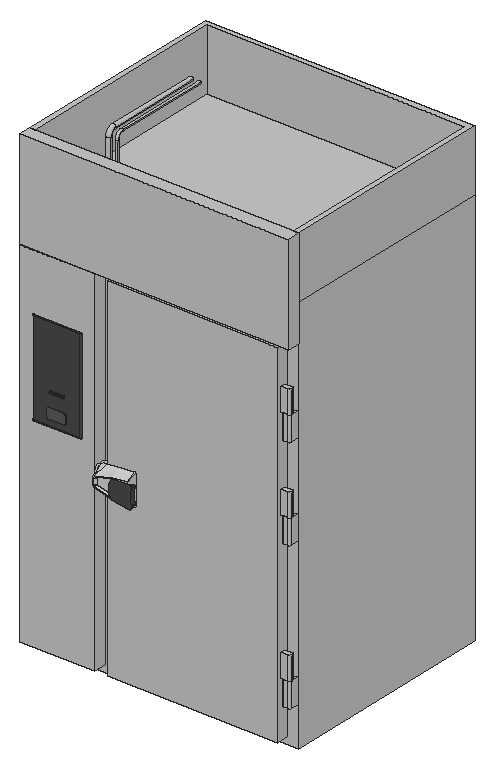
Revit family "QF_ALPENINOX_729262_ABFA22LRE", category Specialty Equipment, Revit 2018 (continued)
Definition of nested family "ALP_Logo_XS"
  Forms (mm)
    Extrusion 2, solid
      sketch origin (17.793, -46.218, 0) x (-1, 0, 0) y (0, -1, 0)
        loop
          spline (-7.232, -51.417) -> (-6.524, -51.371) -> (-5.858, -51.236) -> (-5.238, -51.018) -> (-4.666, -50.722) -> (-4.148, -50.353) -> (-3.687, -49.918) -> (-3.286, -49.422) -> (-2.95, -48.87) -> (-2.682, -48.267) -> (-2.486, -47.62) -> (-2.366, -46.934) -> (-2.325, -46.214)
          spline (-2.325, -46.214) -> (-2.366, -45.497) -> (-2.487, -44.812) -> (-2.684, -44.166) -> (-2.953, -43.564) -> (-3.29, -43.011) -> (-3.692, -42.514) -> (-4.154, -42.078) -> (-4.672, -41.709) -> (-5.243, -41.411) -> (-5.862, -41.192) -> (-6.527, -41.056) -> (-7.232, -41.01)
        loop
          spline (-7.232, -42.962) -> (-7.665, -42.993) -> (-8.059, -43.083) -> (-8.414, -43.227) -> (-8.731, -43.422) -> (-9.01, -43.661) -> (-9.251, -43.941) -> (-9.454, -44.257) -> (-9.62, -44.605) -> (-9.748, -44.979) -> (-9.839, -45.374) -> (-9.894, -45.788) -> (-9.912, -46.214)
          spline (-9.912, -46.214) -> (-9.894, -46.637) -> (-9.837, -47.049) -> (-9.744, -47.444) -> (-9.614, -47.818) -> (-9.446, -48.165) -> (-9.241, -48.482) -> (-8.998, -48.763) -> (-8.719, -49.003) -> (-8.403, -49.198) -> (-8.049, -49.344) -> (-7.659, -49.434) -> (-7.232, -49.466)
          spline (-7.232, -49.466) -> (-6.804, -49.434) -> (-6.414, -49.344) -> (-6.06, -49.198) -> (-5.743, -49.003) -> (-5.464, -48.763) -> (-5.222, -48.482) -> (-5.017, -48.165) -> (-4.849, -47.818) -> (-4.718, -47.444) -> (-4.625, -47.049) -> (-4.568, -46.637) -> (-4.55, -46.214)
          spline (-4.55, -46.214) -> (-4.568, -45.788) -> (-4.623, -45.374) -> (-4.714, -44.979) -> (-4.842, -44.605) -> (-5.008, -44.257) -> (-5.211, -43.941) -> (-5.452, -43.661) -> (-5.731, -43.422) -> (-6.048, -43.227) -> (-6.404, -43.083) -> (-6.798, -42.993) -> (-7.232, -42.962)
        loop
          arc (-12.168, -42.806) -> (-12.411, -41.323) -> (-13.895, -41.561) r 1.064
          line (-13.895, -41.561) -> (-16.234, -44.786) -> (-18.574, -41.561)
          arc (-18.574, -41.561) -> (-20.072, -41.304) -> (-20.3, -42.806) r 1.064
          line (-20.3, -42.806) -> (-17.477, -46.566) -> (-19.787, -49.678)
          arc (-19.787, -49.678) -> (-19.432, -51.089) -> (-18.004, -50.81) r 1.057
          line (-18.004, -50.81) -> (-16.234, -48.321) -> (-14.389, -50.918)
          arc (-14.389, -50.918) -> (-12.91, -51.16) -> (-12.683, -49.678) r 1.055
          line (-12.683, -49.678) -> (-14.994, -46.566) -> (-12.168, -42.806)
      from 0 to 1.644
  Dimensions and locks
    aligned and locked: plane 2 to Extrusion 1
    aligned and locked: level to Extrusion 1
Types (2, lengths in mm): name | URL | Phase | Model | Manufacturer | Description
  (no name) | 0 | 0 | 0 | 0 | 0
  QF_ALPENINOX_729262_ABFA22LRE.rfa | "http://www.alpeninox.com" | 3 | "ABFA22LRE" | "Alpeninox" | "CRIO CHILL BLAST CHILLER FREEZER 150/120KG 20 GN 2/1 - REMOTE REFRIGERATING UNIT"
